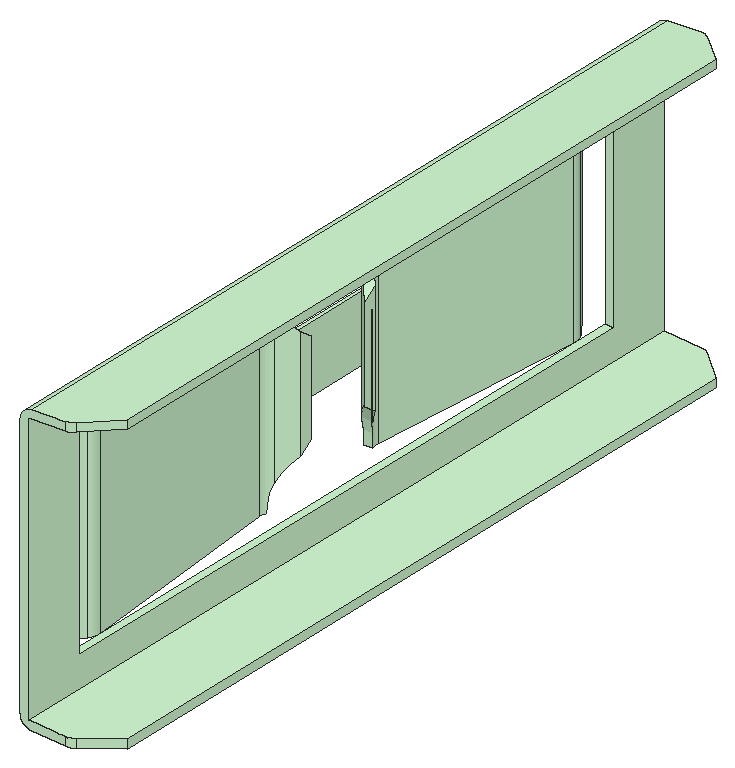
Revit family "joint_cc19", category 機械設備, Revit 2022
Family settings
  丸型コネクタ寸法 = 直径を使用
  種別 = なし
  パーツ タイプ = 標準
  作業面ベース = いいえ
  常に垂直 = はい
  ロード時にボイドで切り取り = いいえ
  注釈の向きを維持 = いいえ
  共有 = いいえ
  部屋計算ポイント = いいえ
Parameters (values of type "CC-19用ジョイント")
  製造元 = "株式会社桐井製作所"
  既定の高さ = 0 mm
  URL = "https://www.kirii.co.jp/"
  K_材質 = "SGCC　一般用"
  K_品名 = "CC-19用ジョイント"
  K_名称 = "野縁受けジョイント"
  K_単位質量(kg/個) = 0.037
  K_入数 = "300"
  K_バージョン情報 = "20210524"
  K_めっき付着量 = "Z12"
  K_JIS規格 = "JIS G 3302"
  K_JIS外 [instance] = not(K_JIS)  # yes
  K_JIS [instance] = no
Reference planes
  plane 1 "中心(正面/背面)": y = 0
  plane 2: z = 0
  plane 3 "中心(左/右)": x = 0
Forms (mm)
  Extrusion 1, solid
    sketch origin (2.7, 0, 0) x (1, 0, 0) y (0, 0, 1)
      loop
        line (-11.7, -16.179) -> (-11.7, 16.179) -> (-2.7, 16.599) -> (-2.7, 17.6) -> (-11.27, 17.2)
        arc (-11.27, 17.2) -> (-12.285, 16.737) -> (-12.7, 15.702) r 1.5
        line (-12.7, 15.702) -> (-12.7, -15.702)
        arc (-12.7, -15.702) -> (-12.285, -16.737) -> (-11.27, -17.2) r 1.5
        line (-11.27, -17.2) -> (-2.715, -17.599) -> (-2.715, -16.598) -> (-11.7, -16.179)
    from -47.5 to 47.5
  Extrusion 2, solid
    sketch origin (-7.559, -7.561, 0) x (1, 0, 0) y (0, 1, 0)
      loop
        line (-2.441, 2.059) -> (-2.441, 3.511) -> (-4.966, 0.855)
        arc (-4.966, 0.855) -> (-5.596, -0.147) -> (-5.79, -1.315) r 3
        arc (-5.79, -1.315) -> (-4.972, -14.885) -> (-3.447, -28.395) r 260.45
        line (-3.447, -28.395) -> (-5.639, -31.344) -> (-4.837, -31.941) -> (-2.889, -29.32)
        arc (-2.889, -29.32) -> (-2.557, -28.624) -> (-2.513, -27.854) r 2
        arc (-2.513, -27.854) -> (-3.993, -14.596) -> (-4.79, -1.28) r 259.45
        arc (-4.79, -1.28) -> (-4.661, -0.502) -> (-4.241, 0.166) r 2
        line (-4.241, 0.166) -> (-2.441, 2.059)
      loop
        line (-4.837, 47.059) -> (-5.639, 46.463) -> (-3.447, 43.513)
        arc (-3.447, 43.513) -> (-4.972, 30.004) -> (-5.79, 16.433) r 260.45
        arc (-5.79, 16.433) -> (-5.596, 15.265) -> (-4.966, 14.264) r 3
        line (-4.966, 14.264) -> (-2.441, 11.608) -> (-2.441, 13.059) -> (-4.241, 14.953)
        arc (-4.241, 14.953) -> (-4.661, 15.621) -> (-4.79, 16.399) r 2
        arc (-4.79, 16.399) -> (-3.993, 29.715) -> (-2.513, 42.972) r 259.45
        arc (-2.513, 42.972) -> (-2.557, 43.742) -> (-2.889, 44.438) r 2
        line (-2.889, 44.438) -> (-4.837, 47.059)
    from -12.5 to 12.5
  Extrusion 3, solid
    sketch origin (-7.559, -7.54, 0) x (1, 0, 0) y (0, 1, 0)
      loop
        arc (-6.208, 30.771) -> (-7.241, 7.521) -> (-6.204, -15.729) r 261.75
        line (-6.204, -15.729) -> (-4.688, -17.979)
        arc (-4.688, -17.979) -> (-5.372, -9.665) -> (-5.79, -1.334) r 260.45
        arc (-5.79, -1.334) -> (-5.941, 7.54) -> (-5.79, 16.414) r 260.45
        arc (-5.79, 16.414) -> (-5.373, 24.726) -> (-4.691, 33.021) r 260.45
        line (-4.691, 33.021) -> (-6.208, 30.771)
    from -4 to 4
  Extrusion 4, void
    sketch origin (0, 0, 0) x (0, 1, 0) y (0, 0, 1)
      loop
        arc (-8, 12.5) -> (0, 4.5) -> (8, 12.5) r 8
        line (8, 12.5) -> (-8, 12.5)
      loop
        arc (8, -12.5) -> (0, -4.5) -> (-8, -12.5) r 8
        line (-8, -12.5) -> (8, -12.5)
    from -13.289 to -10
  Extrusion 5, void
    sketch origin (2.7, 0, 0) x (0, 1, 0) y (0, 0, 1)
      loop
        line (40, 12.5) -> (-40, 12.5) -> (-40, -12.5) -> (40, -12.5) -> (40, 12.5)
    from -12.7 to -11.7
  Extrusion 6, void
    sketch origin (0, 0, 0) x (1, 0, 0) y (0, 1, 0)
      loop
        line (-3.574, 47.122) -> (0, 43.95) -> (0, 47.5) -> (-4.57, 47.5)
        arc (-4.57, 47.5) -> (-4.037, 47.402) -> (-3.574, 47.122) r 1.5
      loop
        line (0, -43.95) -> (-3.574, -47.122)
        arc (-3.574, -47.122) -> (-4.037, -47.402) -> (-4.57, -47.5) r 1.5
        line (-4.57, -47.5) -> (0, -47.5) -> (0, -43.95)
    from 16.245 to 18.824
  Extrusion 7, void
    sketch origin (0, 0, -35) x (1, 0, 0) y (0, 1, 0)
      loop
        line (-3.574, 47.122) -> (0, 43.95) -> (0, 47.5) -> (-4.57, 47.5)
        arc (-4.57, 47.5) -> (-4.037, 47.402) -> (-3.574, 47.122) r 1.5
      loop
        line (0, -43.95) -> (-3.574, -47.122)
        arc (-3.574, -47.122) -> (-4.037, -47.402) -> (-4.57, -47.5) r 1.5
        line (-4.57, -47.5) -> (0, -47.5) -> (0, -43.95)
    from 16.245 to 18.824
Cuts and joins
  Extrusion 4, Extrusion 5, Extrusion 6, Extrusion 7 cuts Extrusion 1
  Extrusion 4 cuts Extrusion 2
Dimensions and locks
  aligned and locked: level to plane 2
